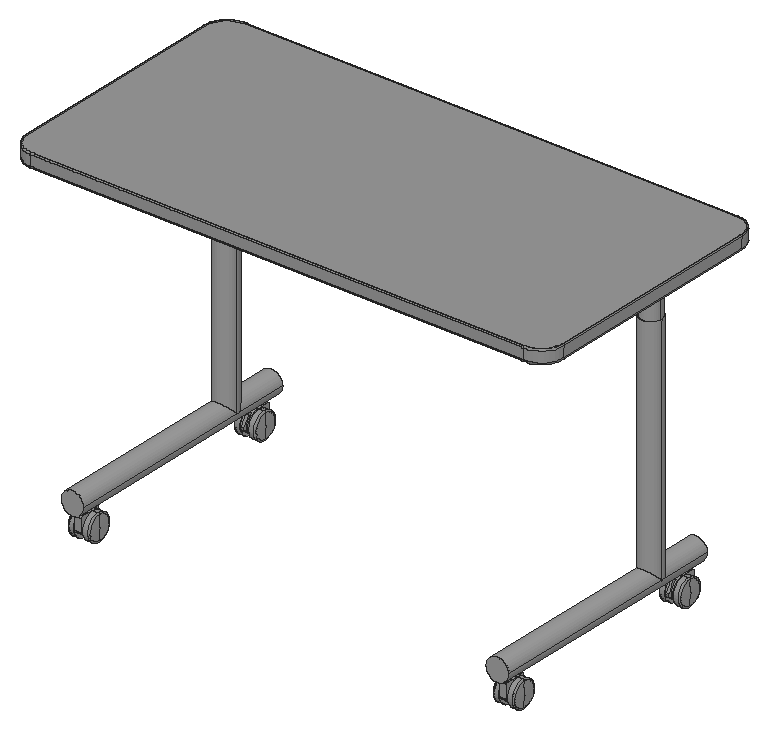
Revit family "Trios C Leg 4824 - Adjustable", category Generic Models, Revit 2018
Family settings
  Can host rebar = No
  Round Connector Dimension = Use Diameter
  Part Type = Normal
  Work Plane-Based = No
  Always vertical = Yes
  Cut with Voids When Loaded = No
  Shared = No
  Room Calculation Point = No
Parameters
  Table Height = 2' - 5 1/2"
  Surface = Trios C-Adj Leg 4824 Surface
  Leg Finish = Trio Leg Platinum
  Grommets = Trios 4824 Tabletop : Trios 4824 Tabletop
  Edgeband = Trios C-Adj Leg 4824 Edgeband
  Caster/Glider = Trios C Leg Adjustable - Casters : Trios C Leg Adjustable - Casters
Reference planes (in)
  plane 1 "Center (Front/Back)": y = 0
  plane 2: z = 0
  plane 3 "Center (Left/Right)": x = 0
  plane 4: z = 29.5
Dimensions and locks (in)
  "Table Height": plane 4 to level
  aligned and locked: plane 2 to level
  aligned and locked: nested 3 to plane 4
Nested families (in)
  nested 1: "Trios C Leg Adjustable - Casters" at (-18.85, 0, 0), type <- "Caster/Glider", type "Trios C Leg Adjustable - Casters"
    with Leg Height 2' - 5 1/2"
  nested 2: "Trios C Leg Adjustable - Casters" at (18.85, 0, 0) x (-1, 0, 0) z (0, 0, 1), type <- "Caster/Glider", type "Trios C Leg Adjustable - Casters"
    with Leg Height 2' - 5 1/2"
  nested 3: "Trios 4824 Tabletop" at (0, 0, 1.84345), type <- "Grommets", type "Trios 4824 Tabletop"
Definition of nested family "Trios C Leg Adjustable - Casters"
  Parameters (values of type "Trios C Leg Adjustable - Casters")
    Leg Height = 2' - 0.86283"
    Leg Finish = none
  Reference planes (in)
    plane 1 "Center (Front/Back)": y = 0
    plane 2: z = 0
    plane 3 "Center (Left/Right)": x = 0
  Forms (in)
    Revolve 1, solid
      sketch origin (24.58071, -9.2026, 0) x (1, 0, 0) y (0, 0, 1)
        loop
          line (-24.97071, 0.96467) -> (-24.19071, 0.96467) -> (-24.19071, 0) -> (-23.75169, 0)
          arc (-23.75169, 0) -> (-23.6768, 0.03102) -> (-23.64578, 0.10591) r 0.10591
          arc (-23.64578, 0.10591) -> (-23.60985, 0.63116) -> (-23.59787, 1.1575) r 11.56601
          line (-23.59787, 1.1575) -> (-25.56355, 1.1575)
          arc (-25.56355, 1.1575) -> (-25.55156, 0.63116) -> (-25.51564, 0.10591) r 11.56601
          arc (-25.51564, 0.10591) -> (-25.48462, 0.03102) -> (-25.40973, 0) r 0.10591
          line (-25.40973, 0) -> (-24.97071, 0) -> (-24.97071, 0.96467)
        axis (-23.59787, 1.1575) -> (-25.56355, 1.1575)
      angle from 0 to 360
    Extrusion 2, solid
      sketch origin (24.58071, -2.50544, 0) x (0, 1, 0) y (0, 0, 1)
        loop
          line (-7.72966, 0.8701) -> (-5.67751, 0.8701)
          arc (-5.67751, 0.8701) -> (-5.59637, 0.90001) -> (-5.55407, 0.97544) r 0.125
          arc (-5.55407, 0.97544) -> (-5.81666, 1.90885) -> (-6.69716, 2.315) r 1.1575
          line (-6.69716, 2.315) -> (-7.72966, 2.315)
          arc (-7.72966, 2.315) -> (-7.81805, 2.27839) -> (-7.85466, 2.19) r 0.125
          line (-7.85466, 2.19) -> (-7.85466, 0.9951)
          arc (-7.85466, 0.9951) -> (-7.81805, 0.90671) -> (-7.72966, 0.8701) r 0.125
      from -24.89567 to -24.26575
    Revolve 3, solid
      sketch origin (24.58071, -9.99, 0) x (1, 0, 0) y (0, 0, 1)
        loop
          line (-24.58071, 2.74648) -> (-24.58071, 2.315) -> (-24.39321, 2.315) -> (-24.39321, 2.402) -> (-24.26248, 2.402) -> (-24.26248, 2.55948) -> (-24.39321, 2.55948) -> (-24.39321, 2.74648) -> (-24.58071, 2.74648)
        axis (-24.58071, 2.315) -> (-24.58071, 2.74648)
      angle from 0 to 360
    Extrusion 4, solid
      sketch origin (24.58071, -2.50544, 0) x (0, 1, 0) y (0, 0, 1)
        loop
          arc (-5.36095, 1.27372) -> (-5.63909, 1.69661) -> (-5.81774, 2.1702) r 2.29458
          arc (-5.81774, 2.1702) -> (-5.87342, 2.23656) -> (-5.96002, 2.23454) r 0.1
          line (-5.96002, 2.23454) -> (-6.11283, 2.15668)
          arc (-6.11283, 2.15668) -> (-5.66582, 1.68299) -> (-5.54534, 1.04293) r 1.1575
          line (-5.54534, 1.04293) -> (-5.39253, 1.12079)
          arc (-5.39253, 1.12079) -> (-5.34, 1.18966) -> (-5.36095, 1.27372) r 0.1
      from -24.70571 to -24.45571
    Revolve 5, solid
      sketch origin (24.58071, 9.2026, 0) x (1, 0, 0) y (0, 0, -1)
        loop
          line (-24.97071, -0.96467) -> (-24.97071, 0) -> (-25.40973, 0)
          arc (-25.40973, 0) -> (-25.48462, -0.03102) -> (-25.51564, -0.10591) r 0.10591
          arc (-25.51564, -0.10591) -> (-25.55156, -0.63116) -> (-25.56355, -1.1575) r 11.56601
          line (-25.56355, -1.1575) -> (-23.59787, -1.1575)
          arc (-23.59787, -1.1575) -> (-23.60985, -0.63116) -> (-23.64578, -0.10591) r 11.56601
          arc (-23.64578, -0.10591) -> (-23.6768, -0.03102) -> (-23.75169, 0) r 0.10591
          line (-23.75169, 0) -> (-24.19071, 0) -> (-24.19071, -0.96467) -> (-24.97071, -0.96467)
        axis (-23.59787, -1.1575) -> (-25.56355, -1.1575)
      angle from 0 to 360
    Extrusion 6, solid
      sketch origin (24.58071, 2.50544, 0) x (0, -1, 0) y (0, 0, -1)
        loop
          arc (-7.72966, -0.8701) -> (-7.81805, -0.90671) -> (-7.85466, -0.9951) r 0.125
          line (-7.85466, -0.9951) -> (-7.85466, -2.19)
          arc (-7.85466, -2.19) -> (-7.81805, -2.27839) -> (-7.72966, -2.315) r 0.125
          line (-7.72966, -2.315) -> (-6.69716, -2.315)
          arc (-6.69716, -2.315) -> (-5.81666, -1.90885) -> (-5.55407, -0.97544) r 1.1575
          arc (-5.55407, -0.97544) -> (-5.59637, -0.90001) -> (-5.67751, -0.8701) r 0.125
          line (-5.67751, -0.8701) -> (-7.72966, -0.8701)
      from -24.89567 to -24.26575
    Revolve 7, solid
      sketch origin (24.58071, 9.99, 0) x (1, 0, 0) y (0, 0, -1)
        loop
          line (-24.58071, -2.74648) -> (-24.39321, -2.74648) -> (-24.39321, -2.55948) -> (-24.26248, -2.55948) -> (-24.26248, -2.402) -> (-24.39321, -2.402) -> (-24.39321, -2.315) -> (-24.58071, -2.315) -> (-24.58071, -2.74648)
        axis (-24.58071, -2.315) -> (-24.58071, -2.74648)
      angle from 0 to 360
    Extrusion 8, solid
      sketch origin (24.58071, 2.50544, 0) x (0, -1, 0) y (0, 0, -1)
        loop
          arc (-5.36095, -1.27372) -> (-5.34, -1.18966) -> (-5.39253, -1.12079) r 0.1
          line (-5.39253, -1.12079) -> (-5.54534, -1.04293)
          arc (-5.54534, -1.04293) -> (-5.66582, -1.68299) -> (-6.11283, -2.15668) r 1.1575
          line (-6.11283, -2.15668) -> (-5.96002, -2.23454)
          arc (-5.96002, -2.23454) -> (-5.87342, -2.23656) -> (-5.81774, -2.1702) r 0.1
          arc (-5.81774, -2.1702) -> (-5.63909, -1.69661) -> (-5.36095, -1.27372) r 2.29458
      from -24.70571 to -24.45571
    Extrusion 9, solid, material <- "Leg Finish"
      sketch origin (0, 6, 0) x (1, 0, 0) y (0, 1, 0)
        loop
          circle (0, 0) r 1
      from 3.56048 to 24.30283
    Extrusion 10, solid, material <- "Leg Finish"
      sketch origin (0, 0, 0) x (1, 0, 0) y (0, 0, 1)
        loop
          circle (0, 3.56048) r 1
      from -11 to 11
  Dimensions and locks (in)
    "Leg Height": nested 1 to level
    aligned and locked: plane 2 to level
  Automatic sketch dimensions
    Revolve 1 sketch curve to level = 0' - 0"  (x2)
    level to Revolve 1 sketch curve = 0' - 1.1575"
    Revolve 1 sketch curve to plane 3 "Center (Left/Right)" = 0' - 10.58317"
    Revolve 1 sketch curve to plane 3 "Center (Left/Right)" = 0' - 0.98284"
    level to Revolve 1 sketch curve = 0' - 0.10591"  (x2)
    Revolve 1 sketch curve to plane 3 "Center (Left/Right)" = 0' - 0.82902"
    Revolve 1 sketch curve to plane 3 "Center (Left/Right)" = 0' - 0.39"
    plane 3 "Center (Left/Right)" to Revolve 1 sketch curve = 0' - 0.39"
    Revolve 1 sketch curve to Revolve 1 sketch curve = 0' - 0.43902"
    Revolve 1 sketch curve to Revolve 1 sketch curve = 0' - 0.19283"
    Revolve 1 sketch curve to Revolve 1 sketch curve = 0' - 1.15716"
    Revolve 1 sketch curve to Revolve 1 sketch curve = 0' - 0.87716"
    Revolve 1 sketch curve to Revolve 1 sketch curve = 0' - 0"
    level to Extrusion 2 sketch curve = 0' - 0.9951"
    plane 1 "Center (Front/Back)" to Extrusion 2 sketch curve = 0' - 10.3601"
    Extrusion 2 sketch curve to Extrusion 2 sketch curve = 0' - 0 1/8"  (x3)
    Extrusion 2 sketch curve to Extrusion 2 sketch curve = 0' - 1.0325"
    Extrusion 2 sketch curve to Extrusion 2 sketch curve = 0' - 1.01965"
    Extrusion 2 sketch curve to Extrusion 2 sketch curve = 0' - 0.1624"
    Extrusion 2 sketch curve to Extrusion 2 sketch curve = 0' - 1.1949"
    Revolve 3 sketch curve to plane 3 "Center (Left/Right)" = 0' - 0"  (x2)
    plane 3 "Center (Left/Right)" to Revolve 3 sketch curve = 0' - 0 3/16"
    Revolve 3 sketch curve to Revolve 3 sketch curve = 0' - 0 3/16"
    Revolve 3 sketch curve to Revolve 3 sketch curve = 0' - 0.13072"
    level to Revolve 3 sketch curve = 0' - 2.315"
    Revolve 3 sketch curve to Revolve 3 sketch curve = 0' - 0.087"
    Revolve 3 sketch curve to Revolve 3 sketch curve = 0' - 0.15748"
    Revolve 3 sketch curve to Revolve 3 sketch curve = 0' - 0.187"
    Revolve 3 sketch curve to Revolve 3 sketch curve = 0' - 0"
    Revolve 3 sketch curve to Revolve 3 sketch curve = 0' - 0.49875"
    level to Extrusion 4 sketch curve = 0' - 1.1575"
    plane 1 "Center (Front/Back)" to Extrusion 4 sketch curve = 0' - 9.2026"
    level to Extrusion 4 sketch curve = 0' - 2.15668"
    Extrusion 4 sketch curve to Extrusion 4 sketch curve = 0' - 0.58433"
    level to Extrusion 4 sketch curve = 0' - 2.23454"
    Extrusion 4 sketch curve to Extrusion 4 sketch curve = 0' - 0.15281"
    Extrusion 4 sketch curve to Extrusion 4 sketch curve = 0' - 0.0454"  (x2)
    level to Extrusion 4 sketch curve = 0' - 1.04293"
    Extrusion 4 sketch curve to Extrusion 4 sketch curve = 0' - 0.10741"
    level to Extrusion 4 sketch curve = 0' - 1.12079"
    Extrusion 4 sketch curve to Extrusion 4 sketch curve = 0' - 1.84333"
    Extrusion 4 sketch curve to Extrusion 4 sketch curve = 0' - 0.0891"  (x2)
    Extrusion 4 sketch curve to Extrusion 4 sketch curve = 0' - 1.52844"
    Extrusion 4 sketch curve to Extrusion 4 sketch curve = 0' - 0"
    Revolve 5 sketch curve to level = 0' - 0"  (x2)
    level to Revolve 5 sketch curve = 0' - 1.1575"
    Revolve 5 sketch curve to plane 3 "Center (Left/Right)" = 0' - 10.58317"
    Revolve 5 sketch curve to plane 3 "Center (Left/Right)" = 0' - 0.98284"
    level to Revolve 5 sketch curve = 0' - 0.10591"  (x2)
    Revolve 5 sketch curve to plane 3 "Center (Left/Right)" = 0' - 0.82902"
    Revolve 5 sketch curve to plane 3 "Center (Left/Right)" = 0' - 0.39"
    plane 3 "Center (Left/Right)" to Revolve 5 sketch curve = 0' - 0.39"
    Revolve 5 sketch curve to Revolve 5 sketch curve = 0' - 0.43902"
    Revolve 5 sketch curve to Revolve 5 sketch curve = 0' - 0.19283"
    Revolve 5 sketch curve to Revolve 5 sketch curve = 0' - 1.15716"
    Revolve 5 sketch curve to Revolve 5 sketch curve = 0' - 0.87716"
    Revolve 5 sketch curve to Revolve 5 sketch curve = 0' - 0"
    Extrusion 6 sketch curve to level = 0' - 0.9951"
    plane 1 "Center (Front/Back)" to Extrusion 6 sketch curve = 0' - 10.3601"
    Extrusion 6 sketch curve to Extrusion 6 sketch curve = 0' - 0 1/8"  (x3)
    Extrusion 6 sketch curve to Extrusion 6 sketch curve = 0' - 1.0325"
    Extrusion 6 sketch curve to Extrusion 6 sketch curve = 0' - 1.01965"
    Extrusion 6 sketch curve to Extrusion 6 sketch curve = 0' - 0.1624"
    Extrusion 6 sketch curve to Extrusion 6 sketch curve = 0' - 1.1949"
    Revolve 7 sketch curve to plane 3 "Center (Left/Right)" = 0' - 0"  (x2)
    plane 3 "Center (Left/Right)" to Revolve 7 sketch curve = 0' - 0 3/16"
    Revolve 7 sketch curve to Revolve 7 sketch curve = 0' - 0 3/16"
    Revolve 7 sketch curve to Revolve 7 sketch curve = 0' - 0.13072"
    level to Revolve 7 sketch curve = 0' - 2.74648"
    Revolve 7 sketch curve to Revolve 7 sketch curve = 0' - 0.187"
    Revolve 7 sketch curve to Revolve 7 sketch curve = 0' - 0.15748"
    Revolve 7 sketch curve to Revolve 7 sketch curve = 0' - 0.087"
    Revolve 7 sketch curve to Revolve 7 sketch curve = 0' - 0.49875"
    Revolve 7 sketch curve to Revolve 7 sketch curve = 0' - 0"
    Extrusion 8 sketch curve to level = 0' - 1.1575"
    plane 1 "Center (Front/Back)" to Extrusion 8 sketch curve = 0' - 9.2026"
    Extrusion 8 sketch curve to level = 0' - 2.15668"
    Extrusion 8 sketch curve to Extrusion 8 sketch curve = 0' - 0.58433"
    Extrusion 8 sketch curve to level = 0' - 2.23454"
    Extrusion 8 sketch curve to Extrusion 8 sketch curve = 0' - 0.15281"
    Extrusion 8 sketch curve to Extrusion 8 sketch curve = 0' - 0.0454"  (x2)
    Extrusion 8 sketch curve to level = 0' - 1.04293"
    Extrusion 8 sketch curve to Extrusion 8 sketch curve = 0' - 0.10741"
    Extrusion 8 sketch curve to level = 0' - 1.12079"
    Extrusion 8 sketch curve to Extrusion 8 sketch curve = 0' - 1.84333"
    Extrusion 8 sketch curve to Extrusion 8 sketch curve = 0' - 0.0891"  (x2)
    Extrusion 8 sketch curve to Extrusion 8 sketch curve = 0' - 1.52844"
    Extrusion 8 sketch curve to Extrusion 8 sketch curve = 0' - 0"
    Extrusion 9 sketch curve to Extrusion 9 sketch curve = 0' - 0"  (x2)
    Extrusion 9 sketch curve to plane 3 "Center (Left/Right)" = 0' - 0"
    Extrusion 9 sketch curve to plane 1 "Center (Front/Back)" = 0' - 6"
    Extrusion 9 sketch curve to Extrusion 9 sketch curve = 0' - 1"
    Extrusion 10 sketch curve to Extrusion 10 sketch curve = 0' - 0"  (x2)
    Extrusion 10 sketch curve to plane 3 "Center (Left/Right)" = 0' - 0"
    level to Extrusion 10 sketch curve = 0' - 3.56048"
    Extrusion 10 sketch curve to Extrusion 10 sketch curve = 0' - 1"
  Nested families (in)
    nested 1: "Trios Adjustable Top" at (0, 6, 0), type "Trios Adjustable Top"
  Definition of nested family "Trios Adjustable Top"
    Parameters (values of type "Trios Adjustable Top")
      Leg Finish = none
    Reference planes (in)
      plane 1 "Center (Front/Back)": y = 0
      plane 2: z = 0
      plane 3 "Center (Left/Right)": x = 0
    Forms (in)
      Extrusion 1, solid, material <- "Leg Finish"
        sketch origin (0, 0, 0) x (1, 0, 0) y (0, 1, 0)
          loop
            circle (0, 0) r 0.87661
        from 7.06283 to 24.68283
      Extrusion 2, solid, material <- "Leg Finish"
        sketch origin (0, 0, 0) x (1, 0, 0) y (0, 1, 0)
          loop
            line (-2.9995, 3.9995) -> (-2.9995, -3.9995) -> (3, -3.9995) -> (3, 3.9995) -> (-2.9995, 3.9995)
        from 24.68283 to 24.86283
    Dimensions and locks (in)
      aligned and locked: plane 2 to level
Definition of nested family "Trios 4824 Tabletop"
  Parameters (values of type "Trios 4824 Tabletop")
    Surface = none
    Edgeband = none
  Reference planes (in)
    plane 1 "Center (Front/Back)": y = 0
    plane 2: z = 0
    plane 3 "Center (Left/Right)": x = 0
  Forms (in)
    Extrusion 1, solid, material <- "Surface"
      sketch origin (0, 0, 0) x (1, 0, 0) y (0, 1, 0)
        loop
          line (21.85, 11.75389) -> (-21.85, 11.75389)
          arc (-21.85, 11.75389) -> (-23.1807, 11.2027) -> (-23.73189, 9.872) r 1.88189
          line (-23.73189, 9.872) -> (-23.73189, -9.872)
          arc (-23.73189, -9.872) -> (-23.1807, -11.2027) -> (-21.85, -11.75389) r 1.88189
          line (-21.85, -11.75389) -> (21.85, -11.75389)
          arc (21.85, -11.75389) -> (23.1807, -11.2027) -> (23.73189, -9.872) r 1.88189
          line (23.73189, -9.872) -> (23.73189, 9.872)
          arc (23.73189, 9.872) -> (23.1807, 11.2027) -> (21.85, 11.75389) r 1.88189
      from 27.65655 to 28.85655
    Sweep 2, solid, material <- "Edgeband"
      path origin (0, 0, 0) x (1, 0, 0) y (0, 1, 0)
        loop
          line (21.85, 11.75389) -> (-21.85, 11.75389)
          arc (-21.85, 11.75389) -> (-23.1807, 11.2027) -> (-23.73189, 9.872) r 1.88189
          line (-23.73189, 9.872) -> (-23.73189, -9.872)
          arc (-23.73189, -9.872) -> (-23.1807, -11.2027) -> (-21.85, -11.75389) r 1.88189
          line (-21.85, -11.75389) -> (21.85, -11.75389)
          arc (21.85, -11.75389) -> (23.1807, -11.2027) -> (23.73189, -9.872) r 1.88189
          line (23.73189, -9.872) -> (23.73189, 9.872)
          arc (23.73189, 9.872) -> (23.1807, 11.2027) -> (21.85, 11.75389) r 1.88189
      profile origin (0, 11.75389, 0) x (0, -1, 0) y (0, 0, 1)
        loop
          line (0, 27.65655) -> (0, 28.85655)
          arc (0, 28.85655) -> (-0.08352, 28.82195) -> (-0.11811, 28.73844) r 0.11811
          line (-0.11811, 28.73844) -> (-0.11811, 27.77466)
          arc (-0.11811, 27.77466) -> (-0.08352, 27.69114) -> (0, 27.65655) r 0.11811
  Dimensions and locks (in)
    aligned and locked: plane 2 to level
